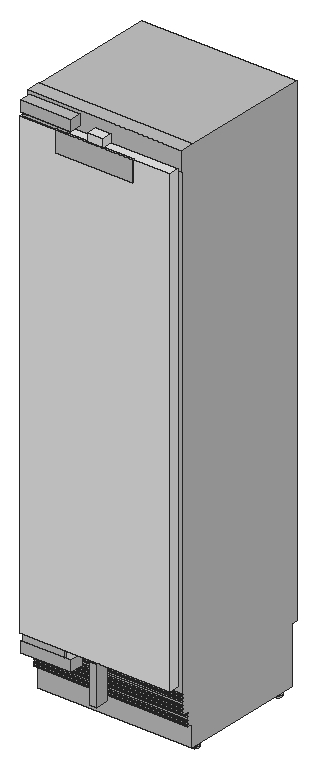
Revit family "FP_Revit_18_RS6121SLHK1_Fridge_90001101A", category Specialty Equipment, Revit 2018
Family settings
  Round Connector Dimension = Use Diameter
  Part Type = Normal
  OmniClass Number = 23.40.40.11.11
  OmniClass Title = Refrigerators and Freezers
  Work Plane-Based = No
  Always vertical = Yes
  Cut with Voids When Loaded = Yes
  Shared = No
  Room Calculation Point = No
Parameters (values of type "RS6121SLHK1")
  Visibility - Water Connection = yes
  Visibility - Visibility Control Note = yes
  Visibility - Clearance Required = yes
  URL = "www.fisherpaykel.com"
  Stainless Steel Door Panels (RD6121L10D) = no
  Product - Width = 603 mm  # constant formula
  Product - Height = 2134 mm  # constant formula
  Product - Depth (exl front panel) = 610 mm  # constant formula
  Model = "RS6121SLHK1"
  Material - Handle = Fisher & Paykel - Aluminium
  Material - Door Structure = Fisher & Paykel - White
  Material - Door Front = Fisher & Paykel - Stainless Steel
  Material - Body = Fisher & Paykel - Grey
  Manufacturer = "Fisher & Paykel Appliances"
  Handle Style - Contemporary Square (AHD3-RD21) = no
  Handle Style - Contemporary Round (AHS-RD21) = no
  Description = "61cm Integrated Column Refrigerator with internal water, stainless steel interior"
  Connector Description - Water = "1/2 BSP Stainless steel braided hose"
  Connector Description - Electrical = "230 V, 10 amp fused electrical supply"
  Cavity - Width = 610 mm  # constant formula
  Cavity - Height = 2134 mm  # constant formula
  Cavity - Depth = 650 mm  # constant formula
Types (3, lengths in mm): name | Visibility - Water Connection | Model | Description | Connector Description - Water
  (no name) | yes | "RS6121SLHK1" | "61cm Integrated Column Refrigerator with internal water, stainless steel interior" | "1/2 BSP Stainless steel braided hose"
  RS6121SLK1 | no | "RS6121SLK1" | "61cm Integrated Column Refrigerator, stainless steel interior" | "Water Supply not required"
  RS6121SLHK1 | yes | "RS6121SLHK1" | "61cm Integrated Column Refrigerator with internal water, stainless steel interior" | "1/2 BSP Stainless steel braided hose"
Reference planes
  plane 1 "Datum": y = 0
  plane 2: z = 0
  plane 3 "Center (Left/Right)": x = 0
  plane 4 "Product LHS": x = -301.5
  plane 5 "Product RHS": x = 301.5
  plane 6 "Product - Depth": y = 610
  plane 7 "Cavity LHS": x = -305
  plane 8 "Cavity RHS": x = 305
  plane 9 "Cavity - Depth": y = 628
  plane 10 "Handle Offset": x = 238.5
  plane 11 "Product Height": z = 2134
  plane 12 "Cavity Height": z = 2134
  plane 13 "Door Panel Datum": y = -4.1
Forms (mm)
  Extrusion 1, solid, material "Fisher & Paykel - Grey" <- "Material - Body", detail levels fine
    sketch origin (0, 0, 0) x (0, 1, 0) y (0, 0, 1)
      loop
        line (100.1, 19.1) -> (587.9, 19.1) -> (587.9, 239.7) -> (610, 239.7) -> (610, 2131.9) -> (105.1, 2131.9) -> (105.1, 2134) -> (49.9, 2134) -> (49.9, 2059) -> (56, 2059) -> (56, 228.6) -> (59.5, 228.6) -> (59.5, 219.7) -> (56.5, 219.7) -> (56.5, 215.9) -> (59.5, 215.9) -> (59.5, 207) -> (56.5, 207) -> (56.5, 203.2) -> (59.5, 203.2) -> (59.5, 194.3) -> (56.5, 194.3) -> (56.5, 190.5) -> (59.5, 190.5) -> (59.5, 181.6) -> (56.5, 181.6) -> (56.5, 177.8) -> (59.5, 177.8) -> (59.5, 168.9) -> (56.5, 168.9) -> (56.5, 165.1) -> (59.5, 165.1) -> (59.5, 156.2) -> (56.5, 156.2) -> (56.5, 152.4) -> (84.1, 152.4) -> (84.1, 143.5) -> (81.1, 143.5) -> (81.1, 139.7) -> (84.1, 139.7) -> (84.1, 130.8) -> (81.1, 130.8) -> (81.1, 127) -> (84.1, 127) -> (84.1, 118.1) -> (81.1, 118.1) -> (81.1, 114.3) -> (84.1, 114.3) -> (84.1, 105.4) -> (81.1, 105.4) -> (81.1, 101.6) -> (100.1, 101.6) -> (100.1, 19.1)
    from -301.5 to 301.5
  Extrusion 2, solid, material "Fisher & Paykel - Grey" <- "Material - Body"
    sketch origin (0, 0, 0) x (1, 0, 0) y (0, 1, 0)
      loop
        circle (-281, 547.8) r 4.1
      loop
        circle (-281, 141.8) r 4.1
      loop
        circle (281, 547.8) r 4.1
      loop
        circle (281, 141.8) r 4.1
    from 3 to 19.1
  Extrusion 3, solid, material "Fisher & Paykel - Grey" <- "Material - Body"
    sketch origin (0, 0, 0) x (1, 0, 0) y (0, 1, 0)
      loop
        circle (-281, 547.8) r 14.5
      loop
        circle (-281, 141.8) r 14.555
      loop
        circle (281, 547.8) r 14.5
      loop
        circle (281, 141.8) r 14.555
    from 0 to 3
  Extrusion 4, solid, material "Fisher & Paykel - Grey" <- "Material - Body", detail levels fine
    sketch origin (0, 0, 0) x (1, 0, 0) y (0, 1, 0)
      loop
        line (-7.5, 49) -> (-13.797, -4.1) -> (13.797, -4.1) -> (7.5, 49) -> (-7.5, 49)
    from 104.2 to 254.2
  Extrusion 5, solid, material "Fisher & Paykel - Grey" <- "Material - Body", detail levels fine
    sketch origin (0, 0, 0) x (0, 1, 0) y (0, 0, 1)
      loop
        line (0, 2070.6) -> (0, 1988.6) -> (2, 1988.6) -> (2, 2068.6) -> (4, 2068.6) -> (4, 2070.6) -> (0, 2070.6)
    from -150 to 150
  Extrusion 6, solid, material "Fisher & Paykel - Grey" <- "Material - Body"
    sketch origin (0, 0, 0) x (1, 0, 0) y (0, 0, 1)
      loop
        circle (226.5, 119.813) r 5
      loop
        circle (-226.5, 119.813) r 5
    from -590 to -587.9
  Extrusion 7, solid, material "Fisher & Paykel - White" <- "Material - Door Structure"
    sketch origin (0, 0, 0) x (1, 0, 0) y (0, 1, 0)
      loop
        line (-276.5, 56) -> (-276.5, 42) -> (276.5, 42) -> (276.5, 56) -> (-276.5, 56)
    from 269.6 to 2030.7
  Extrusion 8, solid, material "Fisher & Paykel - White" <- "Material - Door Structure"
    sketch origin (0, 0, 0) x (1, 0, 0) y (0, 1, 0)
      loop
        line (-292.9, 42) -> (-292.9, 3) -> (292.9, 3) -> (292.9, 42) -> (-292.9, 42)
    from 254.2 to 2068.6
  Extrusion 9, solid, material "Fisher & Paykel - White" <- "Material - Door Structure", detail levels fine
    sketch origin (0, 0, 0) x (1, 0, 0) y (0, 0, 1)
      loop
        line (-29.5, 2100.1) -> (-29.5, 2068.6) -> (29.5, 2068.6) -> (29.5, 2100.1) -> (-29.5, 2100.1)
    from -42 to -3
  Extrusion 10, solid, material "Fisher & Paykel - Stainless Steel" <- "Material - Door Front", visible <- "Stainless Steel Door Panels (RD6121L10D)"
    sketch origin (0, 0, 0) x (0, 1, 0) y (0, 0, 1)
      loop
        line (-22.1, 2130.8) -> (-22.1, 102) -> (-4.1, 102) -> (-4.1, 2130.8) -> (-22.1, 2130.8)
    from -301.5 to 301.5
  Extrusion 11, solid, material "Fisher & Paykel - Grey" <- "Material - Body", detail levels coarse+medium
    sketch origin (0, 0, 0) x (0, 1, 0) y (0, 0, 1)
      loop
        line (49.9, 2134) -> (49.9, 2059) -> (56, 2059) -> (56, 152.4) -> (81.1, 152.4) -> (81.1, 101.6) -> (100.1, 101.6) -> (100.1, 19.1) -> (587.9, 19.1) -> (587.9, 239.7) -> (610, 239.7) -> (610, 2134) -> (49.9, 2134)
    from -301.5 to 301.5
  Extrusion 12, solid, material "Fisher & Paykel - Grey" <- "Material - Body", detail levels fine
    sketch origin (0, 0, 0) x (-1, 0, 0) y (0, 0, -1)
      loop
        line (289.9, -187.65) -> (95.42, -187.65) -> (95.42, -229.75) -> (289.9, -229.75) -> (289.9, -187.65)
    from -56 to -2.5
  Extrusion 13, solid, material "Fisher & Paykel - Grey" <- "Material - Body", detail levels fine
    sketch origin (0, 0, 0) x (-1, 0, 0) y (0, 0, -1)
      loop
        line (289.9, -2123.15) -> (289.9, -2081.05) -> (95.42, -2081.05) -> (95.42, -2123.15) -> (289.9, -2123.15)
    from -49 to -2.5
  Extrusion 14, solid, material "Fisher & Paykel - Grey" <- "Material - Body", detail levels fine
    sketch origin (0, 0, -4) x (0, 1, 0) y (0, 0, 1)
      loop
        arc (163.888, 23.1) -> (180.4, 13.63) -> (196.912, 23.1) r 19.13
        line (196.912, 23.1) -> (163.888, 23.1)
      loop
        arc (493.888, 23.1) -> (510.4, 13.63) -> (526.912, 23.1) r 19.13
        line (526.912, 23.1) -> (493.888, 23.1)
    from 191 to 219
  Extrusion 15, solid, material "Fisher & Paykel - Grey" <- "Material - Body", detail levels fine
    sketch origin (0, 0, -4) x (0, 1, 0) y (0, 0, -1)
      loop
        line (163.888, -23.1) -> (196.912, -23.1)
        arc (196.912, -23.1) -> (180.4, -13.63) -> (163.888, -23.1) r 19.13
      loop
        line (493.888, -23.1) -> (526.912, -23.1)
        arc (526.912, -23.1) -> (510.4, -13.63) -> (493.888, -23.1) r 19.13
    from 191 to 219
  Extrusion 16, solid, material "Fisher & Paykel - Clearance Required", visible <- "Visibility - Clearance Required", detail levels coarse
    sketch origin (0, 0, 0) x (1, 0, 0) y (0, 1, 0)
      loop
        line (-305, 628) -> (-305, -4.1) -> (305, -4.1) -> (305, 628) -> (-305, 628)
    from 0 to 2134
  Extrusion 17, void
    sketch origin (0, 0, 0) x (1, 0, 0) y (0, 1, 0)
      loop
        line (-305, 628) -> (-305, -22.1) -> (305, -22.1) -> (305, 628) -> (-305, 628)
    from 0 to 2134
  Extrusion 18, solid, material "Fisher & Paykel - Clearance Required", visible <- "Visibility - Clearance Required", detail levels coarse
    sketch origin (0, 0, 0) x (-1, 0, 0) y (0, -1, 0)
      loop
        line (-301.5, 22) -> (301.5, 22)
        arc (301.5, 22) -> (310.614, 38.517) -> (329.447, 39.615) r 19.524
        line (329.447, 39.615) -> (550.259, 513.224) -> (574.757, 501.803)
        arc (574.757, 501.803) -> (598.009, 510.266) -> (589.546, 533.517) r 17.497
        line (589.546, 533.517) -> (565.059, 544.952) -> (584.283, 586.12)
        arc (584.283, 586.12) -> (-13.379, 547.082) -> (-301.5, 22) r 622.524
    from 0 to 2134
  Extrusion 19, solid, material "Fisher & Paykel - Grey" <- "Material - Body", detail levels fine
    sketch origin (0, 0, 0) x (-1, 0, 0) y (0, 0, -1)
      loop
        line (118.4, -254.2) -> (282.9, -254.2) -> (282.9, -229.75) -> (118.4, -229.75) -> (118.4, -254.2)
      loop
        line (106, -2081.05) -> (242.9, -2081.05) -> (282.9, -2076.05) -> (282.9, -2068.6) -> (106, -2068.6) -> (106, -2081.05)
    from -7 to -4
Lines and regions (mm)
  model lines, style "Fisher & Paykel"
    curve 1: line (-301.5, -4.1, 2130.8) -> (301.5, -4.1, 2130.8)
    curve 2: line (-301.5, -4.1, 102) -> (-301.5, -4.1, 2130.8)
    curve 3: line (301.5, -4.1, 102) -> (-301.5, -4.1, 102)
    curve 4: line (301.5, -4.1, 2130.8) -> (301.5, -4.1, 102)
Text (mm)
  text "Due to ongoing product development, product details are subject to change without notice. \nPlease always refer to www.fisherpaykel.com for the most current product information. \n© Fisher & Paykel 2020" at (41.04, -678.295, 0), in view "Ref. Level (Plan)"
Dimensions and locks
  equal spacing: plane 4 "Product LHS", plane 3 "Center (Left/Right)", plane 5 "Product RHS"
  "Product - Width": plane 4 "Product LHS" to plane 5 "Product RHS"
  "Product - Depth (exl front panel)": plane 1 "Datum" to plane 6 "Product - Depth"
  equal spacing: plane 7 "Cavity LHS", plane 3 "Center (Left/Right)", plane 8 "Cavity RHS"
  "Cavity - Width": plane 7 "Cavity LHS" to plane 8 "Cavity RHS"
  plane 4 "Product LHS" to Extrusion 2 sketch curve = 24.6 mm
  plane 4 "Product LHS" to plane 10 "Handle Offset" = 540 mm
  Extrusion 6 sketch curve to Extrusion 1 = 119.887 mm  (x2)
  Extrusion 6 sketch curve to plane 5 "Product RHS" = 75 mm
  plane 4 "Product LHS" to Extrusion 6 sketch curve = 75 mm
  Extrusion 1 sketch curve to Extrusion 1 sketch curve = 82.5 mm
  Extrusion 1 sketch curve to Extrusion 1 sketch curve = 209.5 mm
  Extrusion 3 to level = 3 mm
  Extrusion 11 to Extrusion 8 = 235.1 mm
  Extrusion 11 to Extrusion 7 = 250.5 mm
  Extrusion 11 to Extrusion 11 = 2114.9 mm
  Extrusion 11 to Extrusion 10 = 82.9 mm
  "Product - Height": level to plane 11 "Product Height"
  plane 11 "Product Height" to Extrusion 10 = 3.2 mm
  Extrusion 8 to plane 11 "Product Height" = 65.4 mm
  Extrusion 7 to plane 11 "Product Height" = 103.3 mm
  Extrusion 11 sketch curve to plane 11 "Product Height" = 75 mm
  Extrusion 1 sketch curve to plane 11 "Product Height" = 2.1 mm
  Extrusion 1 sketch curve to plane 11 "Product Height" = 75 mm
  "Cavity - Height": plane 12 "Cavity Height" to level
  plane 1 "Datum" to Extrusion 16 = 628 mm
  plane 1 "Datum" to Extrusion 17 = 628 mm
  Extrusion 19 sketch curve to Extrusion 19 sketch curve = 40 mm
  Extrusion 19 sketch curve to Extrusion 19 sketch curve = 176.9 mm
  plane 3 "Center (Left/Right)" to Extrusion 19 sketch curve = 106 mm
  plane 3 "Center (Left/Right)" to Extrusion 19 sketch curve = 118.4 mm
  "Cavity - Depth": Extrusion 17 to Extrusion 18
  Extrusion 18 to plane 1 "Datum" = 22 mm
  radius of Extrusion 6 sketch curve = 5 mm
  aligned and locked: level to plane 2
  aligned and locked: Extrusion 10 to plane 5 "Product RHS"
  aligned and locked: plane 4 "Product LHS" to Extrusion 10
  aligned and locked: Extrusion 11 to plane 5 "Product RHS"
  aligned and locked: Extrusion 11 to plane 4 "Product LHS"
  aligned and locked: Extrusion 11 sketch curve to plane 11 "Product Height"
  aligned and locked: plane 11 "Product Height" to Extrusion 1 sketch curve
  aligned and locked: Extrusion 14 sketch curve to Extrusion 14 sketch curve
  aligned and locked: Extrusion 15 sketch curve to Extrusion 15 sketch curve
  aligned and locked: Extrusion 1 to plane 5 "Product RHS"
  aligned and locked: plane 4 "Product LHS" to Extrusion 1
  aligned and locked: Extrusion 2 to Extrusion 1
  aligned and locked: nested 3 to plane 10 "Handle Offset"
  aligned and locked: nested 2 to plane 10 "Handle Offset"
Automatic sketch dimensions
  Extrusion 2 sketch curve to plane 4 "Product LHS" = 20.5 mm  (x2)
  plane 5 "Product RHS" to Extrusion 2 sketch curve = 20.5 mm  (x2)
  Extrusion 2 sketch curve to plane 1 "Datum" = 141.8 mm  (x2)
  Extrusion 2 sketch curve to plane 6 "Product - Depth" = 62.2 mm  (x2)
  Extrusion 3 sketch curve to plane 4 "Product LHS" = 20.5 mm  (x2)
  plane 5 "Product RHS" to Extrusion 3 sketch curve = 20.5 mm  (x2)
  Extrusion 3 sketch curve to plane 1 "Datum" = 141.8 mm  (x2)
  Extrusion 3 sketch curve to plane 6 "Product - Depth" = 62.2 mm  (x2)
  plane 1 "Datum" to Extrusion 4 sketch curve = 4.1 mm
  Extrusion 4 sketch curve to plane 3 "Center (Left/Right)" = 13.797 mm
  Extrusion 4 sketch curve to plane 3 "Center (Left/Right)" = 7.5 mm
  plane 3 "Center (Left/Right)" to Extrusion 4 sketch curve = 7.5 mm
  plane 3 "Center (Left/Right)" to Extrusion 4 sketch curve = 13.797 mm
  Extrusion 4 sketch curve to plane 1 "Datum" = 49 mm
  Extrusion 5 sketch curve to plane 1 "Datum" = 0 mm
  Extrusion 5 sketch curve to plane 1 "Datum" = 2 mm
  Extrusion 5 sketch curve to Extrusion 5 sketch curve = 2 mm  (x2)
  plane 11 "Product Height" to Extrusion 5 sketch curve = 145.4 mm
  plane 11 "Product Height" to Extrusion 5 sketch curve = 65.4 mm
  Extrusion 7 sketch curve to plane 4 "Product LHS" = 25 mm
  plane 5 "Product RHS" to Extrusion 7 sketch curve = 25 mm
  Extrusion 7 sketch curve to plane 1 "Datum" = 42 mm
  Extrusion 7 sketch curve to Extrusion 7 sketch curve = 14 mm
  Extrusion 8 sketch curve to plane 1 "Datum" = 3 mm
  Extrusion 8 sketch curve to plane 4 "Product LHS" = 8.6 mm
  plane 5 "Product RHS" to Extrusion 8 sketch curve = 8.6 mm
  Extrusion 8 sketch curve to Extrusion 8 sketch curve = 39 mm
  Extrusion 9 sketch curve to plane 3 "Center (Left/Right)" = 29.5 mm
  plane 3 "Center (Left/Right)" to Extrusion 9 sketch curve = 29.5 mm
  plane 11 "Product Height" to Extrusion 9 sketch curve = 65.4 mm
  Extrusion 9 sketch curve to Extrusion 9 sketch curve = 31.5 mm
  plane 1 "Datum" to Extrusion 10 sketch curve = 22.1 mm
  plane 1 "Datum" to Extrusion 10 sketch curve = 4.1 mm
  level to Extrusion 10 sketch curve = 102 mm
  plane 11 "Product Height" to Extrusion 10 sketch curve = 3.2 mm
  plane 3 "Center (Left/Right)" to Extrusion 12 sketch curve = 95.42 mm
  plane 4 "Product LHS" to Extrusion 12 sketch curve = 11.6 mm
  Extrusion 12 sketch curve to level = 187.65 mm
  Extrusion 12 sketch curve to Extrusion 12 sketch curve = 42.1 mm
  Extrusion 13 sketch curve to plane 11 "Product Height" = 10.85 mm
  plane 3 "Center (Left/Right)" to Extrusion 13 sketch curve = 95.42 mm
  plane 4 "Product LHS" to Extrusion 13 sketch curve = 11.6 mm
  Extrusion 13 sketch curve to Extrusion 13 sketch curve = 42.1 mm
  Extrusion 14 sketch curve to plane 1 "Datum" = 163.888 mm
  Extrusion 14 sketch curve to Extrusion 14 sketch curve = 16.512 mm  (x2)
  Extrusion 14 sketch curve to plane 6 "Product - Depth" = 116.112 mm
  Extrusion 14 sketch curve to Extrusion 14 sketch curve = 9.66 mm  (x2)
  Extrusion 15 sketch curve to plane 1 "Datum" = 163.888 mm
  Extrusion 15 sketch curve to Extrusion 15 sketch curve = 16.512 mm  (x2)
  Extrusion 15 sketch curve to plane 6 "Product - Depth" = 116.112 mm
  Extrusion 15 sketch curve to Extrusion 15 sketch curve = 9.66 mm  (x2)
  Extrusion 16 sketch curve to plane 7 "Cavity LHS" = 0 mm
  Extrusion 16 sketch curve to plane 8 "Cavity RHS" = 0 mm
  Extrusion 16 sketch curve to plane 9 "Cavity - Depth" = 0 mm
  plane 1 "Datum" to Extrusion 16 sketch curve = 4.1 mm
  Extrusion 17 sketch curve to plane 7 "Cavity LHS" = 0 mm
  Extrusion 17 sketch curve to plane 8 "Cavity RHS" = 0 mm
  plane 9 "Cavity - Depth" to Extrusion 17 sketch curve = 0 mm
  plane 1 "Datum" to Extrusion 17 sketch curve = 22.1 mm
  Extrusion 18 sketch curve to Extrusion 18 sketch curve = 0.001 mm
  Extrusion 18 sketch curve to Extrusion 18 sketch curve = 0 mm
  Extrusion 18 sketch curve to plane 5 "Product RHS" = 0 mm
  Extrusion 18 sketch curve to plane 4 "Product LHS" = 0 mm
  Extrusion 18 sketch curve to plane 7 "Cavity LHS" = 16.024 mm
  Extrusion 18 sketch curve to Extrusion 18 sketch curve = 8.422 mm
  Extrusion 18 sketch curve to plane 7 "Cavity LHS" = 245.259 mm
  Extrusion 18 sketch curve to Extrusion 18 sketch curve = 14.8 mm
  Extrusion 18 sketch curve to Extrusion 18 sketch curve = 24.498 mm
  Extrusion 18 sketch curve to Extrusion 18 sketch curve = 7.394 mm  (x2)
  Extrusion 18 sketch curve to Extrusion 18 sketch curve = 19.224 mm
  Extrusion 18 sketch curve to plane 1 "Datum" = 586.12 mm
  Extrusion 18 sketch curve to Extrusion 18 sketch curve = 41.168 mm
  Extrusion 18 sketch curve to Extrusion 18 sketch curve = 15.857 mm
  Extrusion 19 sketch curve to plane 11 "Product Height" = 52.95 mm
  plane 4 "Product LHS" to Extrusion 19 sketch curve = 18.6 mm
  Extrusion 19 sketch curve to Extrusion 19 sketch curve = 5 mm
  Extrusion 19 sketch curve to Extrusion 19 sketch curve = 12.45 mm
  Extrusion 19 sketch curve to level = 254.2 mm
  Extrusion 19 sketch curve to Extrusion 19 sketch curve = 24.45 mm
  Extrusion 11 sketch curve to plane 6 "Product - Depth" = 0 mm
  Extrusion 11 sketch curve to plane 6 "Product - Depth" = 22.1 mm
  Extrusion 11 sketch curve to plane 1 "Datum" = 100.1 mm
  Extrusion 11 sketch curve to Extrusion 11 sketch curve = 19 mm
  Extrusion 11 sketch curve to plane 1 "Datum" = 56 mm
  Extrusion 11 sketch curve to plane 1 "Datum" = 49.9 mm
  level to Extrusion 11 sketch curve = 152.4 mm
  Extrusion 11 sketch curve to Extrusion 11 sketch curve = 50.8 mm
  level to Extrusion 11 sketch curve = 19.1 mm
  Extrusion 11 sketch curve to Extrusion 11 sketch curve = 220.6 mm
  level to Extrusion 14 sketch curve = 19.1 mm
  level to Extrusion 15 sketch curve = 28.76 mm
  Extrusion 1 sketch curve to plane 6 "Product - Depth" = 0 mm
  Extrusion 1 sketch curve to Extrusion 1 sketch curve = 22.1 mm
  Extrusion 1 sketch curve to plane 1 "Datum" = 105.1 mm
  level to Extrusion 1 sketch curve = 19.1 mm
  Extrusion 1 sketch curve to plane 1 "Datum" = 100.1 mm
  Extrusion 1 sketch curve to Extrusion 1 sketch curve = 16 mm
  Extrusion 1 sketch curve to Extrusion 1 sketch curve = 0 mm  (x8)
  Extrusion 1 sketch curve to Extrusion 1 sketch curve = 3 mm  (x10)
  Extrusion 1 sketch curve to plane 1 "Datum" = 59.5 mm
  Extrusion 1 sketch curve to plane 1 "Datum" = 56 mm
  Extrusion 1 sketch curve to plane 1 "Datum" = 49.9 mm
  Extrusion 1 sketch curve to Extrusion 1 sketch curve = 3.8 mm  (x10)
  Extrusion 1 sketch curve to Extrusion 1 sketch curve = 8.9 mm  (x9)
  Extrusion 1 sketch curve to Extrusion 1 sketch curve = 220.6 mm
  plane 5 "Product RHS" to curve 1 = 0 mm
  plane 4 "Product LHS" to curve 3 = 0 mm
  level to curve 3 = 102 mm
  plane 11 "Product Height" to curve 2 = 3.2 mm
  radius of Extrusion 2 sketch curve = 4.1 mm  (x3)
  radius of Extrusion 3 sketch curve = 14.5 mm  (x2)
  radius of Extrusion 3 sketch curve = 14.555 mm  (x2)
  radius of Extrusion 6 sketch curve = 5 mm
Nested families
  nested 1: "Visibility Control Note 18" at (0, 0, 0), visible <- "Visibility - Visibility Control Note", type "Visibility Control Note 18"
  nested 2: "Handle Contemporary Round - Vertical" at (238.5, -22.1, 1242.58), visible <- "Handle Style - Contemporary Round (AHS-RD21)", type "AHS-RD21 - Contemporary round handle (Vertical) 852mm"
  nested 3: "Handle Contemporary Square - Vertical" at (238.5, -22.1, 1242.58), visible <- "Handle Style - Contemporary Square (AHD3-RD21)", type "AHD3-RD21 - Contemporary square handle (Vertical) 852mm"
Connectors
  electrical at (-226.5, 590, 119.813), driven by "Connector Description - Electrical"
    settings: on Extrusion 6, index 1, voltage 230 V, apparent load 0 VA, apparent load phase1 0 VA, apparent load phase2 0 VA, apparent load phase3 0 VA, power factor 1, load classification "Other", number of poles 1, system type 30, power factor state 1, is connector primary yes, connector utility no, sub classification motor no, connector description "230 V, 10 amp fused electrical supply"
  piping at (226.5, 590, 119.813), diameter 12.7, driven by "Connector Description - Water", driven by "Visibility - Water Connection"
    settings: on Extrusion 6, index 2, connector inside diameter 609.6 mm, connector length 0 mm, flow factor 0, pipe flow 0.0 L/s, pressure drop 0.0 Pa, fitting loss kfactor 0, connector angle 0.00°, fixture units 0, engagement length 0 mm, angle of deflection 0.00°, flow configuration 0, flow direction 1, fitting loss method 0, system type 20, joint type 0, gender type 0, connector reference index -1, connector utility 1, adjustable connector no, is connector primary yes, connector description "1/2 BSP Stainless steel braided hose"
Definition of nested family "Handle Contemporary Round - Vertical"
  Parameters (values of type "AHSRS80A - Contemporary round handle (1 of 2) (Vertical) 727mm")
    URL = "www.fisherpaykel.com"
    Material - Handle = none
    Manufacturer = "Fisher & Paykel Appliances"
    Handle - Length = 727 mm
  Types (6, lengths in mm): name | Handle - Length
    AHS-RD21 - Contemporary round handle (Vertical) 852mm | 852
    AHSRD2484W - Contemporary round handle (1 of 2) (Vertical) 727mm | 727
    AHSRD3084W - Contemporary round handle (1 of 2) (Vertical) 727mm | 727
    AHS-RD84 - Contemporary round handle (Vertical) 852mm | 852
    AHSRS3272A - Contemporary round handle (1 of 2) (Vertical) 727mm | 727
    AHSRS80A - Contemporary round handle (1 of 2) (Vertical) 727mm | 727
  Reference planes
    plane 1 "Center (Front/Back)": y = 0
    plane 2: z = 0
    plane 3 "Center (Left/Right)": x = 0
    plane 4 "Top": z = 363.5
    plane 5 "Bottom": z = -363.5
    plane 6 "Top Standoff": z = 243.5
    plane 7 "Bottom Standoff": z = -243.5
  Forms (mm)
    Extrusion 1, solid, material <- "Material - Handle"
      sketch origin (0, 0, 0) x (1, 0, 0) y (0, 1, 0)
        loop
          circle (0, -32.3) r 8.7
      from -243.5 to 243.5
    Extrusion 2, solid, material <- "Material - Handle", detail levels fine
      sketch origin (0, 0, 0) x (1, 0, 0) y (0, 1, 0)
        loop
          line (-8.7, 0) -> (-8.7, -32.3)
          arc (-8.7, -32.3) -> (0, -41) -> (8.7, -32.3) r 8.7
          line (8.7, -32.3) -> (8.7, 0) -> (-8.7, 0)
      from 243.5 to 363.5
    Extrusion 3, solid, material <- "Material - Handle", detail levels fine
      sketch origin (0, 0, 0) x (1, 0, 0) y (0, 1, 0)
        loop
          line (-8.7, 0) -> (-8.7, -32.3)
          arc (-8.7, -32.3) -> (0, -41) -> (8.7, -32.3) r 8.7
          line (8.7, -32.3) -> (8.7, 0) -> (-8.7, 0)
      from -363.5 to -243.5
    Sweep 4, void
      path in 3D
        loop
          line (8.7, 0, -363.5) -> (8.7, -32.3, -363.5)
          arc (8.7, -32.3, -363.5) -> (0, -41, -363.5) -> (-8.7, -32.3, -363.5) r 8.7
          line (-8.7, -32.3, -363.5) -> (-8.7, 0, -363.5)
      profile origin (8.7, -16.15, -363.5) x (-1, 0, 0) y (0, 0, -1)
        loop
          line (0, 0) -> (0, -1) -> (1, 0) -> (0, 0)
    Sweep 5, void
      path in 3D
        loop
          line (-8.7, 0, 363.5) -> (-8.7, -32.3, 363.5)
          arc (-8.7, -32.3, 363.5) -> (0, -41, 363.5) -> (8.7, -32.3, 363.5) r 8.7
          line (8.7, -32.3, 363.5) -> (8.7, 0, 363.5)
      profile origin (8.7, -16.15, 363.5) x (-1, 0, 0) y (0, 0, 1)
        loop
          line (0, 0) -> (0, -1) -> (1, 0) -> (0, 0)
    Extrusion 6, solid, material <- "Material - Handle", detail levels coarse+medium
      sketch origin (0, 0, 0) x (1, 0, 0) y (0, 1, 0)
        loop
          line (-8.7, 0) -> (-8.7, -32.3)
          arc (-8.7, -32.3) -> (0, -41) -> (8.7, -32.3) r 8.7
          line (8.7, -32.3) -> (8.7, 0) -> (-8.7, 0)
      from 243.5 to 363.5
    Extrusion 7, solid, material <- "Material - Handle", detail levels coarse+medium
      sketch origin (0, 0, 0) x (1, 0, 0) y (0, 1, 0)
        loop
          line (-8.7, 0) -> (-8.7, -32.3)
          arc (-8.7, -32.3) -> (0, -41) -> (8.7, -32.3) r 8.7
          line (8.7, -32.3) -> (8.7, 0) -> (-8.7, 0)
      from -363.5 to -243.5
  Cuts and joins
    Sweep 4 cuts Extrusion 3
    Sweep 5 cuts Extrusion 2
  Lines and regions (mm)
    sketch lines
      curve 1: line (8.7, 0, -363.5) -> (8.7, -32.3, -363.5)
      curve 2: arc (-8.7, -32.3, -363.5) -> (0, -41, -363.5) -> (8.7, -32.3, -363.5) r 8.7
      curve 3: line (-8.7, -32.3, -363.5) -> (-8.7, 0, -363.5)
      curve 4: line (8.7, -32.3, 363.5) -> (8.7, 0, 363.5)
      curve 5: arc (8.7, -32.3, 363.5) -> (0, -41, 363.5) -> (-8.7, -32.3, 363.5) r 8.7
      curve 6: line (-8.7, 0, 363.5) -> (-8.7, -32.3, 363.5)
  Dimensions and locks
    equal spacing: plane 4 "Top", level, plane 5 "Bottom"
    "Handle - Length": plane 4 "Top" to plane 5 "Bottom"
    locked: plane 4 "Top" to plane 6 "Top Standoff" at 120
    locked: plane 7 "Bottom Standoff" to plane 5 "Bottom" at 120
    Extrusion 2 sketch curve to Extrusion 2 sketch curve = 17.4 mm
    Extrusion 3 sketch curve to Extrusion 3 sketch curve = 17.4 mm
    Extrusion 6 sketch curve to Extrusion 6 sketch curve = 17.4 mm
    Extrusion 7 sketch curve to Extrusion 7 sketch curve = 17.4 mm
    aligned and locked: level to plane 2
    aligned and locked: plane 4 "Top" to Extrusion 2
    aligned and locked: Extrusion 3 to plane 5 "Bottom"
    aligned and locked: plane 7 "Bottom Standoff" to Extrusion 3
    aligned and locked: Extrusion 1 to plane 7 "Bottom Standoff"
    aligned and locked: plane 6 "Top Standoff" to Extrusion 1
    aligned and locked: Extrusion 2 to Extrusion 1
    aligned and locked: Extrusion 6 to Extrusion 1
    aligned and locked: plane 4 "Top" to Extrusion 6
    aligned and locked: Extrusion 7 to Extrusion 1
    aligned and locked: Extrusion 7 to plane 5 "Bottom"
  Automatic sketch dimensions
    Extrusion 1 sketch curve to plane 3 "Center (Left/Right)" = 0 mm
    plane 1 "Center (Front/Back)" to Extrusion 1 sketch curve = 32.3 mm
    plane 1 "Center (Front/Back)" to Extrusion 2 sketch curve = 0 mm
    Extrusion 2 sketch curve to plane 3 "Center (Left/Right)" = 0 mm
    Extrusion 2 sketch curve to plane 3 "Center (Left/Right)" = 8.7 mm
    plane 1 "Center (Front/Back)" to Extrusion 2 sketch curve = 32.3 mm
    plane 1 "Center (Front/Back)" to Extrusion 3 sketch curve = 0 mm
    Extrusion 3 sketch curve to plane 3 "Center (Left/Right)" = 0 mm
    Extrusion 3 sketch curve to plane 3 "Center (Left/Right)" = 8.7 mm
    plane 1 "Center (Front/Back)" to Extrusion 3 sketch curve = 32.3 mm
    Sweep 4 sketch curve to profile plane = 0 mm  (x2)
    Sweep 4 sketch curve to profile plane = 1 mm  (x2)
    Sweep 5 sketch curve to profile plane = 0 mm  (x2)
    Sweep 5 sketch curve to profile plane = 1 mm  (x2)
    Extrusion 6 sketch curve to plane 3 "Center (Left/Right)" = 0 mm
    Extrusion 6 sketch curve to plane 3 "Center (Left/Right)" = 8.7 mm
    plane 1 "Center (Front/Back)" to Extrusion 6 sketch curve = 32.3 mm
    Extrusion 6 sketch curve to Extrusion 6 sketch curve = 32.3 mm
    Extrusion 7 sketch curve to plane 3 "Center (Left/Right)" = 0 mm
    Extrusion 7 sketch curve to plane 3 "Center (Left/Right)" = 8.7 mm
    plane 1 "Center (Front/Back)" to Extrusion 7 sketch curve = 32.3 mm
    Extrusion 7 sketch curve to Extrusion 7 sketch curve = 32.3 mm
    radius of Extrusion 1 sketch curve = 8.7 mm
Definition of nested family "Handle Contemporary Square - Vertical"
  Parameters (values of type "AHD3RS80A - Contemporary square handle (1 of 2) (Vertical) 727mm")
    URL = "www.fisherpaykel.com"
    Material - Handle = none
    Manufacturer = "Fisher & Paykel Appliances"
    Handle - Length = 727 mm
  Types (7, lengths in mm): name | Handle - Length
    (no name) | 727
    AHD3-RD21 - Contemporary square handle (Vertical) 852mm | 852
    AHD3RD2484W - Contemporary square handle (1 of 2) (Vertical) 727mm | 727
    AHD3RD3084W - Contemporary square handle (1 of 2) (Vertical) 727mm | 727
    AHD3-RD84 - Contemporary square handle (Vertical) 852mm | 852
    AHD3RS3272A - Contemporary square handle (1 of 2) (Vertical) 727mm | 727
    AHD3RS80A - Contemporary square handle (1 of 2) (Vertical) 727mm | 727
  Reference planes
    plane 1 "Center (Front/Back)": y = 0
    plane 2: z = 0
    plane 3 "Center (Left/Right)": x = 0
    plane 4 "Top": z = 363.5
    plane 5 "Bottom": z = -363.5
    plane 6 "Top Standoff": z = 243.5
    plane 7 "Bottom Standoff": z = -243.5
  Forms (mm)
    Extrusion 1, solid, material <- "Material - Handle", detail levels fine
      sketch origin (0, 0, 0) x (1, 0, 0) y (0, 1, 0)
        loop
          arc (-7.583, -28.701) -> (-7.89, -29.057) -> (-8, -29.514) r 1
          line (-8, -29.514) -> (-8, -40.5)
          arc (-8, -40.5) -> (-7.561, -41.561) -> (-6.5, -42) r 1.5
          line (-6.5, -42) -> (6.5, -42)
          arc (6.5, -42) -> (7.561, -41.561) -> (8, -40.5) r 1.5
          line (8, -40.5) -> (8, -29.487)
          arc (8, -29.487) -> (7.889, -29.029) -> (7.58, -28.673) r 1
          arc (7.58, -28.673) -> (-0.006, -26.256) -> (-7.583, -28.701) r 13.038
      from -363.5 to 363.5
    Extrusion 2, solid, material <- "Material - Handle", detail levels fine
      sketch origin (0, 0, 0) x (1, 0, 0) y (0, 1, 0)
        loop
          arc (7.058, -28.23) -> (7.466, -28.244) -> (7.674, -27.893) r 0.4
          line (7.674, -27.893) -> (7.674, 0) -> (-7.674, 0) -> (-7.674, -27.86)
          arc (-7.674, -27.86) -> (-7.467, -28.21) -> (-7.06, -28.198) r 0.4
          arc (-7.06, -28.198) -> (0.004, -26.156) -> (7.058, -28.23) r 13.136
      from 243.5 to 363.5
    Extrusion 3, solid, material <- "Material - Handle", detail levels fine
      sketch origin (0, 0, 0) x (1, 0, 0) y (0, 1, 0)
        loop
          arc (7.058, -28.23) -> (7.466, -28.244) -> (7.674, -27.893) r 0.4
          line (7.674, -27.893) -> (7.674, 0) -> (-7.674, 0) -> (-7.674, -27.86)
          arc (-7.674, -27.86) -> (-7.467, -28.21) -> (-7.06, -28.198) r 0.4
          arc (-7.06, -28.198) -> (0.004, -26.156) -> (7.058, -28.23) r 13.136
      from -363.5 to -243.5
    Sweep 4, void
      path in 3D
        loop
          line (-8, -29.514, 363.5) -> (-8, -40.5, 363.5)
          arc (-8, -40.5, 363.5) -> (-7.561, -41.561, 363.5) -> (-6.5, -42, 363.5) r 1.5
          line (-6.5, -42, 363.5) -> (6.5, -42, 363.5)
          arc (6.5, -42, 363.5) -> (7.561, -41.561, 363.5) -> (8, -40.5, 363.5) r 1.5
          line (8, -40.5, 363.5) -> (8, -29.487, 363.5)
      profile origin (8, -34.994, 363.5) x (-1, 0, 0) y (0, 0, 1)
        loop
          line (0, 0) -> (0, -1.3) -> (1.3, 0) -> (0, 0)
    Sweep 5, void
      path in 3D
        loop
          line (8, -29.487, -363.5) -> (8, -40.5, -363.5)
          arc (8, -40.5, -363.5) -> (7.561, -41.561, -363.5) -> (6.5, -42, -363.5) r 1.5
          line (6.5, -42, -363.5) -> (-6.5, -42, -363.5)
          arc (-6.5, -42, -363.5) -> (-7.561, -41.561, -363.5) -> (-8, -40.5, -363.5) r 1.5
          line (-8, -40.5, -363.5) -> (-8, -29.514, -363.5)
      profile origin (8, -34.994, -363.5) x (-1, 0, 0) y (0, 0, -1)
        loop
          line (0, 0) -> (0, -1.3) -> (1.3, 0) -> (0, 0)
    Extrusion 6, void
      sketch origin (0, 0, 0) x (1, 0, 0) y (0, 0, 1)
        loop
          line (-8, -362.2) -> (-8, -363.5) -> (-6.7, -363.5) -> (-8, -362.2)
        loop
          line (8, -362.2) -> (6.7, -363.5) -> (8, -363.5) -> (8, -362.2)
      from 0 to 40
    Extrusion 7, void
      sketch origin (0, 0, 0) x (1, 0, 0) y (0, 0, 1)
        loop
          line (-8, 363.5) -> (-8, 362.2) -> (-6.7, 363.5) -> (-8, 363.5)
        loop
          line (8, 363.5) -> (6.7, 363.5) -> (8, 362.2) -> (8, 363.5)
      from 0 to 40
    Extrusion 8, solid, material <- "Material - Handle", detail levels coarse+medium
      sketch origin (0, 0, 0) x (0, 1, 0) y (0, 0, 1)
        loop
          line (0, 363.5) -> (-42, 363.5) -> (-42, -363.5) -> (0, -363.5) -> (0, -243.5) -> (-26.245, -243.5) -> (-26.245, 243.5) -> (0, 243.5) -> (0, 363.5)
      from -8 to 8
  Cuts and joins
    Sweep 4, Sweep 5, Extrusion 6, Extrusion 7 cuts Extrusion 1
    Extrusion 6 cuts Extrusion 3
    Extrusion 7 cuts Extrusion 2
  Lines and regions (mm)
    sketch lines
      curve 1: line (8, -40.5, 363.5) -> (8, -29.487, 363.5)
      curve 2: arc (8, -40.5, 363.5) -> (7.561, -41.561, 363.5) -> (6.5, -42, 363.5) r 1.5
      curve 3: line (-6.5, -42, 363.5) -> (6.5, -42, 363.5)
      curve 4: arc (-6.5, -42, 363.5) -> (-7.561, -41.561, 363.5) -> (-8, -40.5, 363.5) r 1.5
      curve 5: line (-8, -29.514, 363.5) -> (-8, -40.5, 363.5)
      curve 6: line (8, -29.487, -363.5) -> (8, -40.5, -363.5)
      curve 7: arc (6.5, -42, -363.5) -> (7.561, -41.561, -363.5) -> (8, -40.5, -363.5) r 1.5
      curve 8: line (6.5, -42, -363.5) -> (-6.5, -42, -363.5)
      curve 9: arc (-8, -40.5, -363.5) -> (-7.561, -41.561, -363.5) -> (-6.5, -42, -363.5) r 1.5
      curve 10: line (-8, -40.5, -363.5) -> (-8, -29.514, -363.5)
  Dimensions and locks
    equal spacing: plane 4 "Top", level, plane 5 "Bottom"
    "Handle - Length": plane 4 "Top" to plane 5 "Bottom"
    locked: plane 4 "Top" to plane 6 "Top Standoff" at 120
    locked: plane 7 "Bottom Standoff" to plane 5 "Bottom" at 120
    aligned and locked: level to plane 2
    aligned and locked: plane 4 "Top" to Extrusion 2
    aligned and locked: Extrusion 2 to plane 6 "Top Standoff"
    aligned and locked: plane 4 "Top" to Extrusion 1
    aligned and locked: Extrusion 1 to plane 5 "Bottom"
    aligned and locked: Extrusion 3 to plane 5 "Bottom"
    aligned and locked: plane 7 "Bottom Standoff" to Extrusion 3
    aligned and locked: plane 4 "Top" to Extrusion 8 sketch curve
    aligned and locked: plane 6 "Top Standoff" to Extrusion 8 sketch curve
    aligned and locked: plane 7 "Bottom Standoff" to Extrusion 8 sketch curve
    aligned and locked: plane 5 "Bottom" to Extrusion 8 sketch curve
    aligned and locked: plane 1 "Center (Front/Back)" to Extrusion 8 sketch curve  (x2)
  Automatic sketch dimensions
    Extrusion 1 sketch curve to plane 3 "Center (Left/Right)" = 8 mm
    Extrusion 1 sketch curve to Extrusion 1 sketch curve = 1 mm  (x2)
    Extrusion 1 sketch curve to Extrusion 1 sketch curve = 1.5 mm
    plane 3 "Center (Left/Right)" to Extrusion 1 sketch curve = 0.018 mm
    plane 3 "Center (Left/Right)" to Extrusion 1 sketch curve = 6.5 mm
    plane 3 "Center (Left/Right)" to Extrusion 1 sketch curve = 7 mm
    plane 1 "Center (Front/Back)" to Extrusion 1 sketch curve = 42 mm
    Extrusion 1 sketch curve to Extrusion 1 sketch curve = 1.206 mm
    Extrusion 1 sketch curve to Extrusion 1 sketch curve = 10.986 mm
    Extrusion 1 sketch curve to Extrusion 1 sketch curve = 11.013 mm
    Extrusion 1 sketch curve to Extrusion 1 sketch curve = 0 mm
    plane 1 "Center (Front/Back)" to Extrusion 2 sketch curve = 0 mm
    Extrusion 2 sketch curve to plane 3 "Center (Left/Right)" = 7.674 mm
    Extrusion 2 sketch curve to Extrusion 2 sketch curve = 0.4 mm  (x2)
    Extrusion 2 sketch curve to plane 3 "Center (Left/Right)" = 0.026 mm
    plane 3 "Center (Left/Right)" to Extrusion 2 sketch curve = 7.274 mm
    plane 1 "Center (Front/Back)" to Extrusion 2 sketch curve = 27.86 mm
    Extrusion 2 sketch curve to Extrusion 2 sketch curve = 0.033 mm
    Extrusion 2 sketch curve to Extrusion 2 sketch curve = 11.398 mm
    Extrusion 2 sketch curve to Extrusion 2 sketch curve = 0 mm
    plane 1 "Center (Front/Back)" to Extrusion 3 sketch curve = 0 mm
    Extrusion 3 sketch curve to Extrusion 3 sketch curve = 0.4 mm  (x2)
    Extrusion 3 sketch curve to Extrusion 3 sketch curve = 7.248 mm
    Extrusion 3 sketch curve to Extrusion 3 sketch curve = 7.3 mm
    plane 1 "Center (Front/Back)" to Extrusion 3 sketch curve = 27.86 mm
    Extrusion 3 sketch curve to Extrusion 3 sketch curve = 0.033 mm
    Extrusion 3 sketch curve to Extrusion 3 sketch curve = 11.398 mm
    Extrusion 3 sketch curve to Extrusion 3 sketch curve = 0 mm
    Sweep 4 sketch curve to profile plane = 0 mm  (x2)
    Sweep 4 sketch curve to profile plane = 1.3 mm  (x2)
    Sweep 5 sketch curve to profile plane = 0 mm  (x2)
    Sweep 5 sketch curve to profile plane = 1.3 mm  (x2)
    Extrusion 6 sketch curve to plane 5 "Bottom" = 0 mm  (x2)
    plane 5 "Bottom" to Extrusion 6 sketch curve = 1.3 mm  (x2)
    Extrusion 6 sketch curve to plane 3 "Center (Left/Right)" = 8 mm
    Extrusion 6 sketch curve to Extrusion 6 sketch curve = 1.3 mm  (x2)
    plane 3 "Center (Left/Right)" to Extrusion 6 sketch curve = 8 mm
    Extrusion 7 sketch curve to plane 4 "Top" = 0 mm  (x2)
    Extrusion 7 sketch curve to plane 3 "Center (Left/Right)" = 8 mm
    Extrusion 7 sketch curve to Extrusion 7 sketch curve = 1.3 mm  (x2)
    plane 3 "Center (Left/Right)" to Extrusion 7 sketch curve = 8 mm
    Extrusion 7 sketch curve to plane 4 "Top" = 1.3 mm  (x2)
    plane 1 "Center (Front/Back)" to Extrusion 8 sketch curve = 26.245 mm
    plane 1 "Center (Front/Back)" to Extrusion 8 sketch curve = 42 mm
    Extrusion 3 sketch curve to plane 3 "Center (Left/Right)" = 7.674 mm
Definition of nested family "Visibility Control Note 18"
  Types (3): name
    New
    Resolved
    Active
  Reference planes
    plane 1: y = 0
    plane 2: x = 0
  Text (mm)
    text "Edit Type: \nTo control handle kit \nand door panel visibility\n options\n\nDelete unwanted kits \nto reduce file size" at (-0.165, 35.556, 0)
